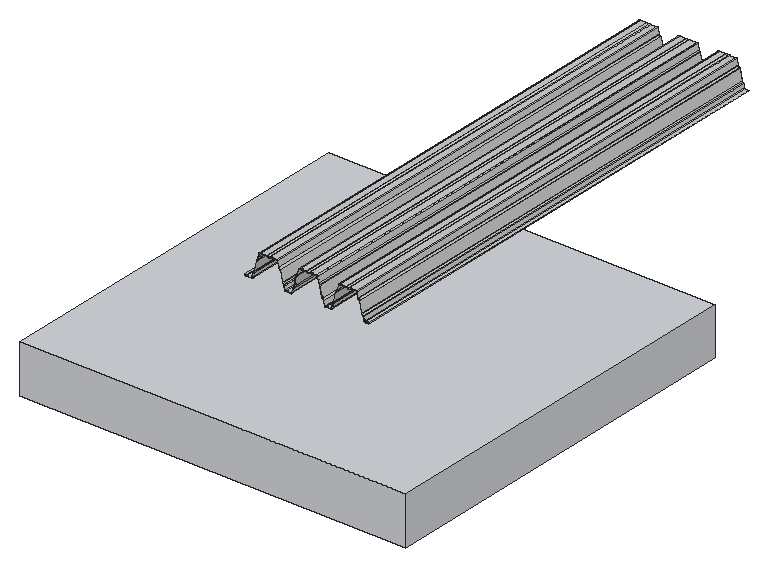
Revit family "Trapézový plech CB 160_250", category Obecné modely, Revit 2016
Family settings
  Hostitel = Plocha
  Typ součásti = Normální
  Může být hostitelem pro výztuž = Ne
  Kóta kulaté spojky = Použít průměr
  Ořezat dutým tvarem při načtení = Ne
  Sdílené = Ne
  Bod výpočtu místnosti = Ne
Parameters
  Šířka prvku - ořezání [instance] = 790 mm
  Šířka [instance] = 750 mm  # constant formula
  Výrobce = "CB profil a. s."  # constant formula
  Default Elevation = 0 mm
  URL = "https://www.cbprofil.cz/vyrobni-program/trapezove-plechy-vyroba-cb/"
  Třída oceli [instance] = Třída oceli : S 320 GD
  Tloušťka [instance] = 1 mm
  Positivní [instance] = not(Negativní)  # yes
  Popis = "CB 160/250"
  Negativní [instance] = no
  F2 barva [instance] = Pozink
  F1 barva [instance] = Pozink
  Délka [instance] = 3000 mm
  CB FLIS [instance] = no
Reference planes
  plane 1 "Střed (vpředu/vzadu)": y = 0
  plane 2: z = 0
  plane 3 "Střed (vlevo/vpravo)": x = 0
  plane 4 "trapézový plech": z = 0
  plane 5 "oříznutí": x = -790
  plane 6: x = -1219.2
  plane 7: x = -749.891
  plane 8: z = 160.116
Forms (mm)
  Extrusion 1, solid
    sketch origin (0, 0, 0) x (1, 0, 0) y (0, 1, 0)
      loop
        line (-1219.2, 1219.2) -> (-1219.2, -1219.2) -> (1219.2, -1219.2) -> (1219.2, 1219.2) -> (-1219.2, 1219.2)
    from 0 to -304.8
  Sweep 2, solid, material "Pozink" <- "F2 barva", visible <- "Positivní"
    path origin (0, 0, 0) x (-1, 0, 0) y (0, -1, 0)
      loop
        line (0, 0) -> (0, -3000)
    profile "CB 160_250 : CB 160_250" origin (0, 1500, 0) x (-1, 0, 0) y (0, 0, 1)
      loop
        line (-5, 1.5) -> (16.583, 1.5)
        arc (16.583, 1.5) -> (20.414, 2.882) -> (22.48, 6.392) r 6
        line (22.48, 6.392) -> (27.294, 29.993)
        arc (27.294, 29.993) -> (27.615, 31.014) -> (28.168, 31.931) r 4.5
        line (28.168, 31.931) -> (35.978, 41.946)
        arc (35.978, 41.946) -> (36.716, 43.168) -> (37.144, 44.529) r 6
        line (37.144, 44.529) -> (51.178, 108.659)
        arc (51.178, 108.659) -> (51.499, 109.68) -> (52.052, 110.596) r 4.5
        line (52.052, 110.596) -> (59.862, 120.612)
        arc (59.862, 120.612) -> (60.599, 121.833) -> (61.028, 123.193) r 6
        line (61.028, 123.193) -> (66.995, 154.445)
        arc (66.995, 154.445) -> (68.544, 157.079) -> (71.418, 158.116) r 4.5
        line (71.418, 158.116) -> (112.895, 158.116)
        arc (112.895, 158.116) -> (114.211, 157.92) -> (115.411, 157.347) r 4.5
        line (115.411, 157.347) -> (121.645, 153.142)
        arc (121.645, 153.142) -> (125, 152.116) -> (128.355, 153.142) r 6
        line (128.355, 153.142) -> (134.589, 157.347)
        arc (134.589, 157.347) -> (135.789, 157.92) -> (137.105, 158.116) r 4.5
        line (137.105, 158.116) -> (178.582, 158.116)
        arc (178.582, 158.116) -> (181.456, 157.079) -> (183.005, 154.445) r 4.5
        line (183.005, 154.445) -> (188.972, 123.193)
        arc (188.972, 123.193) -> (189.401, 121.833) -> (190.138, 120.612) r 6
        line (190.138, 120.612) -> (197.948, 110.596)
        arc (197.948, 110.596) -> (198.501, 109.68) -> (198.822, 108.659) r 4.5
        line (198.822, 108.659) -> (212.856, 44.529)
        arc (212.856, 44.529) -> (213.284, 43.168) -> (214.022, 41.946) r 6
        line (214.022, 41.946) -> (221.832, 31.931)
        arc (221.832, 31.931) -> (222.385, 31.014) -> (222.706, 29.993) r 4.5
        line (222.706, 29.993) -> (227.52, 4.892)
        arc (227.52, 4.892) -> (229.586, 1.382) -> (233.417, 0) r 6
        line (233.417, 0) -> (250, 0) -> (266.583, 0)
        arc (266.583, 0) -> (270.414, 1.382) -> (272.48, 4.892) r 6
        line (272.48, 4.892) -> (277.294, 29.993)
        arc (277.294, 29.993) -> (277.615, 31.014) -> (278.168, 31.931) r 4.5
        line (278.168, 31.931) -> (285.978, 41.946)
        arc (285.978, 41.946) -> (286.716, 43.168) -> (287.144, 44.529) r 6
        line (287.144, 44.529) -> (301.178, 108.659)
        arc (301.178, 108.659) -> (301.499, 109.68) -> (302.052, 110.596) r 4.5
        line (302.052, 110.596) -> (309.862, 120.612)
        arc (309.862, 120.612) -> (310.599, 121.833) -> (311.028, 123.193) r 6
        line (311.028, 123.193) -> (316.995, 154.445)
        arc (316.995, 154.445) -> (318.544, 157.079) -> (321.418, 158.116) r 4.5
        line (321.418, 158.116) -> (362.895, 158.116)
        arc (362.895, 158.116) -> (364.211, 157.92) -> (365.411, 157.347) r 4.5
        line (365.411, 157.347) -> (371.645, 153.142)
        arc (371.645, 153.142) -> (375, 152.116) -> (378.355, 153.142) r 6
        line (378.355, 153.142) -> (384.589, 157.347)
        arc (384.589, 157.347) -> (385.789, 157.92) -> (387.105, 158.116) r 4.5
        line (387.105, 158.116) -> (428.582, 158.116)
        arc (428.582, 158.116) -> (431.456, 157.079) -> (433.005, 154.445) r 4.5
        line (433.005, 154.445) -> (438.972, 123.193)
        arc (438.972, 123.193) -> (439.401, 121.833) -> (440.138, 120.612) r 6
        line (440.138, 120.612) -> (447.948, 110.596)
        arc (447.948, 110.596) -> (448.501, 109.68) -> (448.822, 108.659) r 4.5
        line (448.822, 108.659) -> (462.856, 44.529)
        arc (462.856, 44.529) -> (463.284, 43.168) -> (464.022, 41.946) r 6
        line (464.022, 41.946) -> (471.832, 31.931)
        arc (471.832, 31.931) -> (472.385, 31.014) -> (472.706, 29.993) r 4.5
        line (472.706, 29.993) -> (477.52, 4.892)
        arc (477.52, 4.892) -> (479.586, 1.382) -> (483.417, 0) r 6
        line (483.417, 0) -> (500, 0) -> (516.583, 0)
        arc (516.583, 0) -> (520.414, 1.382) -> (522.48, 4.892) r 6
        line (522.48, 4.892) -> (527.294, 29.993)
        arc (527.294, 29.993) -> (527.615, 31.014) -> (528.168, 31.931) r 4.5
        line (528.168, 31.931) -> (535.978, 41.946)
        arc (535.978, 41.946) -> (536.716, 43.168) -> (537.144, 44.529) r 6
        line (537.144, 44.529) -> (551.178, 108.659)
        arc (551.178, 108.659) -> (551.499, 109.68) -> (552.052, 110.596) r 4.5
        line (552.052, 110.596) -> (559.862, 120.612)
        arc (559.862, 120.612) -> (560.599, 121.833) -> (561.028, 123.193) r 6
        line (561.028, 123.193) -> (566.995, 154.445)
        arc (566.995, 154.445) -> (568.544, 157.079) -> (571.418, 158.116) r 4.5
        line (571.418, 158.116) -> (612.895, 158.116)
        arc (612.895, 158.116) -> (614.211, 157.92) -> (615.411, 157.347) r 4.5
        line (615.411, 157.347) -> (621.645, 153.142)
        arc (621.645, 153.142) -> (625, 152.116) -> (628.355, 153.142) r 6
        line (628.355, 153.142) -> (634.589, 157.347)
        arc (634.589, 157.347) -> (635.789, 157.92) -> (637.105, 158.116) r 4.5
        line (637.105, 158.116) -> (678.582, 158.116)
        arc (678.582, 158.116) -> (681.456, 157.079) -> (683.005, 154.445) r 4.5
        line (683.005, 154.445) -> (688.972, 123.193)
        arc (688.972, 123.193) -> (689.401, 121.833) -> (690.138, 120.612) r 6
        line (690.138, 120.612) -> (697.948, 110.596)
        arc (697.948, 110.596) -> (698.501, 109.68) -> (698.822, 108.659) r 4.5
        line (698.822, 108.659) -> (712.856, 44.529)
        arc (712.856, 44.529) -> (713.284, 43.168) -> (714.022, 41.946) r 6
        line (714.022, 41.946) -> (721.832, 31.931)
        arc (721.832, 31.931) -> (722.385, 31.014) -> (722.706, 29.993) r 4.5
        line (722.706, 29.993) -> (727.52, 4.892)
        arc (727.52, 4.892) -> (729.586, 1.382) -> (733.417, 0) r 6
        line (733.417, 0) -> (750, 0) -> (768.082, 0)
        arc (768.082, 0) -> (771.672, 1.192) -> (773.835, 4.294) r 6.001
        line (773.835, 4.294) -> (775.49, 9.872) -> (774.532, 10.157) -> (772.877, 4.578)
        arc (772.877, 4.578) -> (771.073, 1.993) -> (768.082, 1) r 5.001
        line (768.082, 1) -> (750, 1) -> (733.417, 1)
        arc (733.417, 1) -> (730.223, 2.152) -> (728.502, 5.078) r 5
        line (728.502, 5.078) -> (723.689, 30.179)
        arc (723.689, 30.179) -> (723.296, 31.427) -> (722.62, 32.546) r 5.5
        line (722.62, 32.546) -> (714.81, 42.561)
        arc (714.81, 42.561) -> (714.193, 43.586) -> (713.837, 44.728) r 5
        line (713.837, 44.728) -> (699.802, 108.859)
        arc (699.802, 108.859) -> (699.409, 110.099) -> (698.736, 111.211) r 5.5
        line (698.736, 111.211) -> (690.926, 121.227)
        arc (690.926, 121.227) -> (690.312, 122.245) -> (689.955, 123.379) r 5
        line (689.955, 123.379) -> (683.987, 154.631)
        arc (683.987, 154.631) -> (682.094, 157.849) -> (678.582, 159.116) r 5.5
        line (678.582, 159.116) -> (637.105, 159.116)
        arc (637.105, 159.116) -> (635.497, 158.876) -> (634.029, 158.176) r 5.5
        line (634.029, 158.176) -> (627.796, 153.971)
        arc (627.796, 153.971) -> (625, 153.116) -> (622.204, 153.971) r 5
        line (622.204, 153.971) -> (615.971, 158.176)
        arc (615.971, 158.176) -> (614.503, 158.876) -> (612.895, 159.116) r 5.5
        line (612.895, 159.116) -> (571.418, 159.116)
        arc (571.418, 159.116) -> (567.906, 157.849) -> (566.013, 154.631) r 5.5
        line (566.013, 154.631) -> (560.045, 123.379)
        arc (560.045, 123.379) -> (559.688, 122.245) -> (559.074, 121.227) r 5
        line (559.074, 121.227) -> (551.264, 111.211)
        arc (551.264, 111.211) -> (550.591, 110.099) -> (550.198, 108.859) r 5.5
        line (550.198, 108.859) -> (536.163, 44.728)
        arc (536.163, 44.728) -> (535.807, 43.586) -> (535.19, 42.561) r 5
        line (535.19, 42.561) -> (527.38, 32.546)
        arc (527.38, 32.546) -> (526.704, 31.427) -> (526.311, 30.179) r 5.5
        line (526.311, 30.179) -> (521.498, 5.078)
        arc (521.498, 5.078) -> (519.776, 2.152) -> (516.583, 1) r 5
        line (516.583, 1) -> (500, 1) -> (483.417, 1)
        arc (483.417, 1) -> (480.223, 2.152) -> (478.502, 5.078) r 5
        line (478.502, 5.078) -> (473.689, 30.179)
        arc (473.689, 30.179) -> (473.296, 31.427) -> (472.62, 32.546) r 5.5
        line (472.62, 32.546) -> (464.81, 42.561)
        arc (464.81, 42.561) -> (464.193, 43.586) -> (463.837, 44.728) r 5
        line (463.837, 44.728) -> (449.802, 108.859)
        arc (449.802, 108.859) -> (449.409, 110.099) -> (448.736, 111.211) r 5.5
        line (448.736, 111.211) -> (440.926, 121.227)
        arc (440.926, 121.227) -> (440.312, 122.245) -> (439.955, 123.379) r 5
        line (439.955, 123.379) -> (433.987, 154.631)
        arc (433.987, 154.631) -> (432.094, 157.849) -> (428.582, 159.116) r 5.5
        line (428.582, 159.116) -> (387.105, 159.116)
        arc (387.105, 159.116) -> (385.497, 158.876) -> (384.029, 158.176) r 5.5
        line (384.029, 158.176) -> (377.796, 153.971)
        arc (377.796, 153.971) -> (375, 153.116) -> (372.204, 153.971) r 5
        line (372.204, 153.971) -> (365.971, 158.176)
        arc (365.971, 158.176) -> (364.503, 158.876) -> (362.895, 159.116) r 5.5
        line (362.895, 159.116) -> (321.418, 159.116)
        arc (321.418, 159.116) -> (317.906, 157.849) -> (316.013, 154.631) r 5.5
        line (316.013, 154.631) -> (310.045, 123.379)
        arc (310.045, 123.379) -> (309.688, 122.245) -> (309.074, 121.227) r 5
        line (309.074, 121.227) -> (301.264, 111.211)
        arc (301.264, 111.211) -> (300.591, 110.099) -> (300.198, 108.859) r 5.5
        line (300.198, 108.859) -> (286.163, 44.728)
        arc (286.163, 44.728) -> (285.807, 43.586) -> (285.19, 42.561) r 5
        line (285.19, 42.561) -> (277.38, 32.546)
        arc (277.38, 32.546) -> (276.704, 31.427) -> (276.311, 30.179) r 5.5
        line (276.311, 30.179) -> (271.498, 5.078)
        arc (271.498, 5.078) -> (269.776, 2.152) -> (266.583, 1) r 5
        line (266.583, 1) -> (250, 1) -> (233.417, 1)
        arc (233.417, 1) -> (230.223, 2.152) -> (228.502, 5.078) r 5
        line (228.502, 5.078) -> (223.689, 30.179)
        arc (223.689, 30.179) -> (223.296, 31.427) -> (222.62, 32.546) r 5.5
        line (222.62, 32.546) -> (214.81, 42.561)
        arc (214.81, 42.561) -> (214.193, 43.586) -> (213.837, 44.728) r 5
        line (213.837, 44.728) -> (199.802, 108.859)
        arc (199.802, 108.859) -> (199.409, 110.099) -> (198.736, 111.211) r 5.5
        line (198.736, 111.211) -> (190.926, 121.227)
        arc (190.926, 121.227) -> (190.312, 122.245) -> (189.955, 123.379) r 5
        line (189.955, 123.379) -> (183.987, 154.631)
        arc (183.987, 154.631) -> (182.094, 157.849) -> (178.582, 159.116) r 5.5
        line (178.582, 159.116) -> (137.105, 159.116)
        arc (137.105, 159.116) -> (135.497, 158.876) -> (134.029, 158.176) r 5.5
        line (134.029, 158.176) -> (127.796, 153.971)
        arc (127.796, 153.971) -> (125, 153.116) -> (122.204, 153.971) r 5
        line (122.204, 153.971) -> (115.971, 158.176)
        arc (115.971, 158.176) -> (114.503, 158.876) -> (112.895, 159.116) r 5.5
        line (112.895, 159.116) -> (71.418, 159.116)
        arc (71.418, 159.116) -> (67.906, 157.849) -> (66.013, 154.631) r 5.5
        line (66.013, 154.631) -> (60.045, 123.379)
        arc (60.045, 123.379) -> (59.688, 122.245) -> (59.074, 121.227) r 5
        line (59.074, 121.227) -> (51.264, 111.211)
        arc (51.264, 111.211) -> (50.591, 110.099) -> (50.198, 108.859) r 5.5
        line (50.198, 108.859) -> (36.163, 44.728)
        arc (36.163, 44.728) -> (35.807, 43.586) -> (35.19, 42.561) r 5
        line (35.19, 42.561) -> (27.38, 32.546)
        arc (27.38, 32.546) -> (26.705, 31.429) -> (26.312, 30.185) r 5.5
        line (26.312, 30.185) -> (21.499, 6.584)
        arc (21.499, 6.584) -> (19.779, 3.654) -> (16.583, 2.5) r 5
        line (16.583, 2.5) -> (-5, 2.5) -> (-5, 1.5)
  Extrusion 3, void
    sketch origin (0, 0, 0) x (1, 0, 0) y (0, 0, 1)
      loop
        line (-1219.2, 0) -> (-790, 0) -> (-790, 160.116) -> (-1219.2, 160.116) -> (-1219.2, 0)
    from 0 to -3000
  Sweep 4, solid, material "Pozink" <- "F2 barva", visible <- "Negativní"
    path origin (0, 0, 0) x (-1, 0, 0) y (0, -1, 0)
      loop
        line (0, 0) -> (0, -3000)
    profile "CB 160_250_neg : CB 160_250_neg" origin (0, 1500, 0) x (-1, 0, 0) y (0, 0, 1)
      loop
        line (-5, 157.616) -> (-5, 156.616) -> (16.583, 156.616)
        arc (16.583, 156.616) -> (19.779, 155.462) -> (21.499, 152.533) r 5
        line (21.499, 152.533) -> (26.312, 128.931)
        arc (26.312, 128.931) -> (26.705, 127.687) -> (27.38, 126.57) r 5.5
        line (27.38, 126.57) -> (35.19, 116.555)
        arc (35.19, 116.555) -> (35.807, 115.53) -> (36.163, 114.388) r 5
        line (36.163, 114.388) -> (50.198, 50.257)
        arc (50.198, 50.257) -> (50.591, 49.018) -> (51.264, 47.905) r 5.5
        line (51.264, 47.905) -> (59.074, 37.89)
        arc (59.074, 37.89) -> (59.688, 36.872) -> (60.045, 35.737) r 5
        line (60.045, 35.737) -> (66.013, 4.485)
        arc (66.013, 4.485) -> (67.906, 1.267) -> (71.418, 0) r 5.5
        line (71.418, 0) -> (112.895, 0)
        arc (112.895, 0) -> (114.503, 0.24) -> (115.971, 0.94) r 5.5
        line (115.971, 0.94) -> (122.204, 5.145)
        arc (122.204, 5.145) -> (125, 6) -> (127.796, 5.145) r 5
        line (127.796, 5.145) -> (134.029, 0.94)
        arc (134.029, 0.94) -> (135.497, 0.24) -> (137.105, 0) r 5.5
        line (137.105, 0) -> (178.582, 0)
        arc (178.582, 0) -> (182.094, 1.267) -> (183.987, 4.485) r 5.5
        line (183.987, 4.485) -> (189.955, 35.737)
        arc (189.955, 35.737) -> (190.312, 36.872) -> (190.926, 37.89) r 5
        line (190.926, 37.89) -> (198.736, 47.905)
        arc (198.736, 47.905) -> (199.409, 49.018) -> (199.802, 50.257) r 5.5
        line (199.802, 50.257) -> (213.837, 114.388)
        arc (213.837, 114.388) -> (214.193, 115.53) -> (214.81, 116.555) r 5
        line (214.81, 116.555) -> (222.62, 126.57)
        arc (222.62, 126.57) -> (223.296, 127.69) -> (223.689, 128.938) r 5.5
        line (223.689, 128.938) -> (228.502, 154.038)
        arc (228.502, 154.038) -> (230.223, 156.964) -> (233.417, 158.116) r 5
        line (233.417, 158.116) -> (250, 158.116) -> (266.583, 158.116)
        arc (266.583, 158.116) -> (269.776, 156.964) -> (271.498, 154.038) r 5
        line (271.498, 154.038) -> (276.311, 128.938)
        arc (276.311, 128.938) -> (276.704, 127.69) -> (277.38, 126.57) r 5.5
        line (277.38, 126.57) -> (285.19, 116.555)
        arc (285.19, 116.555) -> (285.807, 115.53) -> (286.163, 114.388) r 5
        line (286.163, 114.388) -> (300.198, 50.257)
        arc (300.198, 50.257) -> (300.591, 49.018) -> (301.264, 47.905) r 5.5
        line (301.264, 47.905) -> (309.074, 37.89)
        arc (309.074, 37.89) -> (309.688, 36.872) -> (310.045, 35.737) r 5
        line (310.045, 35.737) -> (316.013, 4.485)
        arc (316.013, 4.485) -> (317.906, 1.267) -> (321.418, 0) r 5.5
        line (321.418, 0) -> (362.895, 0)
        arc (362.895, 0) -> (364.503, 0.24) -> (365.971, 0.94) r 5.5
        line (365.971, 0.94) -> (372.204, 5.145)
        arc (372.204, 5.145) -> (375, 6) -> (377.796, 5.145) r 5
        line (377.796, 5.145) -> (384.029, 0.94)
        arc (384.029, 0.94) -> (385.497, 0.24) -> (387.105, 0) r 5.5
        line (387.105, 0) -> (428.582, 0)
        arc (428.582, 0) -> (432.094, 1.267) -> (433.987, 4.485) r 5.5
        line (433.987, 4.485) -> (439.955, 35.737)
        arc (439.955, 35.737) -> (440.312, 36.872) -> (440.926, 37.89) r 5
        line (440.926, 37.89) -> (448.736, 47.905)
        arc (448.736, 47.905) -> (449.409, 49.018) -> (449.802, 50.257) r 5.5
        line (449.802, 50.257) -> (463.837, 114.388)
        arc (463.837, 114.388) -> (464.193, 115.53) -> (464.81, 116.555) r 5
        line (464.81, 116.555) -> (472.62, 126.57)
        arc (472.62, 126.57) -> (473.296, 127.69) -> (473.689, 128.938) r 5.5
        line (473.689, 128.938) -> (478.502, 154.038)
        arc (478.502, 154.038) -> (480.223, 156.964) -> (483.417, 158.116) r 5
        line (483.417, 158.116) -> (500, 158.116) -> (516.583, 158.116)
        arc (516.583, 158.116) -> (519.776, 156.964) -> (521.498, 154.038) r 5
        line (521.498, 154.038) -> (526.311, 128.938)
        arc (526.311, 128.938) -> (526.704, 127.69) -> (527.38, 126.57) r 5.5
        line (527.38, 126.57) -> (535.19, 116.555)
        arc (535.19, 116.555) -> (535.807, 115.53) -> (536.163, 114.388) r 5
        line (536.163, 114.388) -> (550.198, 50.257)
        arc (550.198, 50.257) -> (550.591, 49.018) -> (551.264, 47.905) r 5.5
        line (551.264, 47.905) -> (559.074, 37.89)
        arc (559.074, 37.89) -> (559.688, 36.872) -> (560.045, 35.737) r 5
        line (560.045, 35.737) -> (566.013, 4.485)
        arc (566.013, 4.485) -> (567.906, 1.267) -> (571.418, 0) r 5.5
        line (571.418, 0) -> (612.895, 0)
        arc (612.895, 0) -> (614.503, 0.24) -> (615.971, 0.94) r 5.5
        line (615.971, 0.94) -> (622.204, 5.145)
        arc (622.204, 5.145) -> (625, 6) -> (627.796, 5.145) r 5
        line (627.796, 5.145) -> (634.029, 0.94)
        arc (634.029, 0.94) -> (635.497, 0.24) -> (637.105, 0) r 5.5
        line (637.105, 0) -> (678.582, 0)
        arc (678.582, 0) -> (682.094, 1.267) -> (683.987, 4.485) r 5.5
        line (683.987, 4.485) -> (689.955, 35.737)
        arc (689.955, 35.737) -> (690.312, 36.872) -> (690.926, 37.89) r 5
        line (690.926, 37.89) -> (698.736, 47.905)
        arc (698.736, 47.905) -> (699.409, 49.018) -> (699.802, 50.257) r 5.5
        line (699.802, 50.257) -> (713.837, 114.388)
        arc (713.837, 114.388) -> (714.193, 115.53) -> (714.81, 116.555) r 5
        line (714.81, 116.555) -> (722.62, 126.57)
        arc (722.62, 126.57) -> (723.296, 127.69) -> (723.689, 128.938) r 5.5
        line (723.689, 128.938) -> (728.502, 154.038)
        arc (728.502, 154.038) -> (730.223, 156.964) -> (733.417, 158.116) r 5
        line (733.417, 158.116) -> (750, 158.116) -> (768.082, 158.116)
        arc (768.082, 158.116) -> (771.073, 157.123) -> (772.877, 154.538) r 5.001
        line (772.877, 154.538) -> (774.532, 148.96) -> (775.49, 149.244) -> (773.835, 154.822)
        arc (773.835, 154.822) -> (771.672, 157.925) -> (768.082, 159.116) r 6.001
        line (768.082, 159.116) -> (750, 159.116) -> (733.417, 159.116)
        arc (733.417, 159.116) -> (729.586, 157.734) -> (727.52, 154.225) r 6
        line (727.52, 154.225) -> (722.706, 129.124)
        arc (722.706, 129.124) -> (722.385, 128.102) -> (721.832, 127.185) r 4.5
        line (721.832, 127.185) -> (714.022, 117.17)
        arc (714.022, 117.17) -> (713.284, 115.948) -> (712.856, 114.587) r 6
        line (712.856, 114.587) -> (698.822, 50.457)
        arc (698.822, 50.457) -> (698.501, 49.436) -> (697.948, 48.52) r 4.5
        line (697.948, 48.52) -> (690.138, 38.505)
        arc (690.138, 38.505) -> (689.401, 37.284) -> (688.972, 35.923) r 6
        line (688.972, 35.923) -> (683.005, 4.671)
        arc (683.005, 4.671) -> (681.456, 2.037) -> (678.582, 1) r 4.5
        line (678.582, 1) -> (637.105, 1)
        arc (637.105, 1) -> (635.789, 1.197) -> (634.589, 1.769) r 4.5
        line (634.589, 1.769) -> (628.355, 5.974)
        arc (628.355, 5.974) -> (625, 7) -> (621.645, 5.974) r 6
        line (621.645, 5.974) -> (615.411, 1.769)
        arc (615.411, 1.769) -> (614.211, 1.197) -> (612.895, 1) r 4.5
        line (612.895, 1) -> (571.418, 1)
        arc (571.418, 1) -> (568.544, 2.037) -> (566.995, 4.671) r 4.5
        line (566.995, 4.671) -> (561.028, 35.923)
        arc (561.028, 35.923) -> (560.599, 37.284) -> (559.862, 38.505) r 6
        line (559.862, 38.505) -> (552.052, 48.52)
        arc (552.052, 48.52) -> (551.499, 49.436) -> (551.178, 50.457) r 4.5
        line (551.178, 50.457) -> (537.144, 114.587)
        arc (537.144, 114.587) -> (536.716, 115.948) -> (535.978, 117.17) r 6
        line (535.978, 117.17) -> (528.168, 127.185)
        arc (528.168, 127.185) -> (527.615, 128.102) -> (527.294, 129.124) r 4.5
        line (527.294, 129.124) -> (522.48, 154.225)
        arc (522.48, 154.225) -> (520.414, 157.734) -> (516.583, 159.116) r 6
        line (516.583, 159.116) -> (500, 159.116) -> (483.417, 159.116)
        arc (483.417, 159.116) -> (479.586, 157.734) -> (477.52, 154.225) r 6
        line (477.52, 154.225) -> (472.706, 129.124)
        arc (472.706, 129.124) -> (472.385, 128.102) -> (471.832, 127.185) r 4.5
        line (471.832, 127.185) -> (464.022, 117.17)
        arc (464.022, 117.17) -> (463.284, 115.948) -> (462.856, 114.587) r 6
        line (462.856, 114.587) -> (448.822, 50.457)
        arc (448.822, 50.457) -> (448.501, 49.436) -> (447.948, 48.52) r 4.5
        line (447.948, 48.52) -> (440.138, 38.505)
        arc (440.138, 38.505) -> (439.401, 37.284) -> (438.972, 35.923) r 6
        line (438.972, 35.923) -> (433.005, 4.671)
        arc (433.005, 4.671) -> (431.456, 2.037) -> (428.582, 1) r 4.5
        line (428.582, 1) -> (387.105, 1)
        arc (387.105, 1) -> (385.789, 1.197) -> (384.589, 1.769) r 4.5
        line (384.589, 1.769) -> (378.355, 5.974)
        arc (378.355, 5.974) -> (375, 7) -> (371.645, 5.974) r 6
        line (371.645, 5.974) -> (365.411, 1.769)
        arc (365.411, 1.769) -> (364.211, 1.197) -> (362.895, 1) r 4.5
        line (362.895, 1) -> (321.418, 1)
        arc (321.418, 1) -> (318.544, 2.037) -> (316.995, 4.671) r 4.5
        line (316.995, 4.671) -> (311.028, 35.923)
        arc (311.028, 35.923) -> (310.599, 37.284) -> (309.862, 38.505) r 6
        line (309.862, 38.505) -> (302.052, 48.52)
        arc (302.052, 48.52) -> (301.499, 49.436) -> (301.178, 50.457) r 4.5
        line (301.178, 50.457) -> (287.144, 114.587)
        arc (287.144, 114.587) -> (286.716, 115.948) -> (285.978, 117.17) r 6
        line (285.978, 117.17) -> (278.168, 127.185)
        arc (278.168, 127.185) -> (277.615, 128.102) -> (277.294, 129.124) r 4.5
        line (277.294, 129.124) -> (272.48, 154.225)
        arc (272.48, 154.225) -> (270.414, 157.734) -> (266.583, 159.116) r 6
        line (266.583, 159.116) -> (250, 159.116) -> (233.417, 159.116)
        arc (233.417, 159.116) -> (229.586, 157.734) -> (227.52, 154.225) r 6
        line (227.52, 154.225) -> (222.706, 129.124)
        arc (222.706, 129.124) -> (222.385, 128.102) -> (221.832, 127.185) r 4.5
        line (221.832, 127.185) -> (214.022, 117.17)
        arc (214.022, 117.17) -> (213.284, 115.948) -> (212.856, 114.587) r 6
        line (212.856, 114.587) -> (198.822, 50.457)
        arc (198.822, 50.457) -> (198.501, 49.436) -> (197.948, 48.52) r 4.5
        line (197.948, 48.52) -> (190.138, 38.505)
        arc (190.138, 38.505) -> (189.401, 37.284) -> (188.972, 35.923) r 6
        line (188.972, 35.923) -> (183.005, 4.671)
        arc (183.005, 4.671) -> (181.456, 2.037) -> (178.582, 1) r 4.5
        line (178.582, 1) -> (137.105, 1)
        arc (137.105, 1) -> (135.789, 1.197) -> (134.589, 1.769) r 4.5
        line (134.589, 1.769) -> (128.355, 5.974)
        arc (128.355, 5.974) -> (125, 7) -> (121.645, 5.974) r 6
        line (121.645, 5.974) -> (115.411, 1.769)
        arc (115.411, 1.769) -> (114.211, 1.197) -> (112.895, 1) r 4.5
        line (112.895, 1) -> (71.418, 1)
        arc (71.418, 1) -> (68.544, 2.037) -> (66.995, 4.671) r 4.5
        line (66.995, 4.671) -> (61.028, 35.923)
        arc (61.028, 35.923) -> (60.599, 37.284) -> (59.862, 38.505) r 6
        line (59.862, 38.505) -> (52.052, 48.52)
        arc (52.052, 48.52) -> (51.499, 49.436) -> (51.178, 50.457) r 4.5
        line (51.178, 50.457) -> (37.144, 114.587)
        arc (37.144, 114.587) -> (36.716, 115.948) -> (35.978, 117.17) r 6
        line (35.978, 117.17) -> (28.168, 127.185)
        arc (28.168, 127.185) -> (27.615, 128.102) -> (27.294, 129.124) r 4.5
        line (27.294, 129.124) -> (22.48, 152.725)
        arc (22.48, 152.725) -> (20.414, 156.234) -> (16.583, 157.616) r 6
        line (16.583, 157.616) -> (-5, 157.616)
  Sweep 5, solid, material "Pozink" <- "F1 barva", visible <- "Negativní"
    path origin (0, 0, 0) x (-1, 0, 0) y (0, -1, 0)
      loop
        line (0, 0) -> (0, -3000)
    profile "CB 160_250_neg_F1 : CB 160_250_neg_F1" origin (0, 1500, 0) x (-1, 0, 0) y (0, 0, 1)
      loop
        line (-5, 157.616) -> (16.583, 157.616)
        arc (16.583, 157.616) -> (20.414, 156.234) -> (22.48, 152.725) r 6
        line (22.48, 152.725) -> (27.294, 129.124)
        arc (27.294, 129.124) -> (27.615, 128.102) -> (28.168, 127.185) r 4.5
        line (28.168, 127.185) -> (35.978, 117.17)
        arc (35.978, 117.17) -> (36.716, 115.948) -> (37.144, 114.587) r 6
        line (37.144, 114.587) -> (51.178, 50.457)
        arc (51.178, 50.457) -> (51.499, 49.436) -> (52.052, 48.52) r 4.5
        line (52.052, 48.52) -> (59.862, 38.505)
        arc (59.862, 38.505) -> (60.599, 37.284) -> (61.028, 35.923) r 6
        line (61.028, 35.923) -> (66.995, 4.671)
        arc (66.995, 4.671) -> (68.544, 2.037) -> (71.418, 1) r 4.5
        line (71.418, 1) -> (112.895, 1)
        arc (112.895, 1) -> (114.211, 1.197) -> (115.411, 1.769) r 4.5
        line (115.411, 1.769) -> (121.645, 5.974)
        arc (121.645, 5.974) -> (125, 7) -> (128.355, 5.974) r 6
        line (128.355, 5.974) -> (134.589, 1.769)
        arc (134.589, 1.769) -> (135.789, 1.197) -> (137.105, 1) r 4.5
        line (137.105, 1) -> (178.582, 1)
        arc (178.582, 1) -> (181.456, 2.037) -> (183.005, 4.671) r 4.5
        line (183.005, 4.671) -> (188.972, 35.923)
        arc (188.972, 35.923) -> (189.401, 37.284) -> (190.138, 38.505) r 6
        line (190.138, 38.505) -> (197.948, 48.52)
        arc (197.948, 48.52) -> (198.501, 49.436) -> (198.822, 50.457) r 4.5
        line (198.822, 50.457) -> (212.856, 114.587)
        arc (212.856, 114.587) -> (213.284, 115.948) -> (214.022, 117.17) r 6
        line (214.022, 117.17) -> (221.832, 127.185)
        arc (221.832, 127.185) -> (222.385, 128.102) -> (222.706, 129.124) r 4.5
        line (222.706, 129.124) -> (227.52, 154.225)
        arc (227.52, 154.225) -> (229.586, 157.734) -> (233.417, 159.116) r 6
        line (233.417, 159.116) -> (250, 159.116) -> (266.583, 159.116)
        arc (266.583, 159.116) -> (270.414, 157.734) -> (272.48, 154.225) r 6
        line (272.48, 154.225) -> (277.294, 129.124)
        arc (277.294, 129.124) -> (277.615, 128.102) -> (278.168, 127.185) r 4.5
        line (278.168, 127.185) -> (285.978, 117.17)
        arc (285.978, 117.17) -> (286.716, 115.948) -> (287.144, 114.587) r 6
        line (287.144, 114.587) -> (301.178, 50.457)
        arc (301.178, 50.457) -> (301.499, 49.436) -> (302.052, 48.52) r 4.5
        line (302.052, 48.52) -> (309.862, 38.505)
        arc (309.862, 38.505) -> (310.599, 37.284) -> (311.028, 35.923) r 6
        line (311.028, 35.923) -> (316.995, 4.671)
        arc (316.995, 4.671) -> (318.544, 2.037) -> (321.418, 1) r 4.5
        line (321.418, 1) -> (362.895, 1)
        arc (362.895, 1) -> (364.211, 1.197) -> (365.411, 1.769) r 4.5
        line (365.411, 1.769) -> (371.645, 5.974)
        arc (371.645, 5.974) -> (375, 7) -> (378.355, 5.974) r 6
        line (378.355, 5.974) -> (384.589, 1.769)
        arc (384.589, 1.769) -> (385.789, 1.197) -> (387.105, 1) r 4.5
        line (387.105, 1) -> (428.582, 1)
        arc (428.582, 1) -> (431.456, 2.037) -> (433.005, 4.671) r 4.5
        line (433.005, 4.671) -> (438.972, 35.923)
        arc (438.972, 35.923) -> (439.401, 37.284) -> (440.138, 38.505) r 6
        line (440.138, 38.505) -> (447.948, 48.52)
        arc (447.948, 48.52) -> (448.501, 49.436) -> (448.822, 50.457) r 4.5
        line (448.822, 50.457) -> (462.856, 114.587)
        arc (462.856, 114.587) -> (463.284, 115.948) -> (464.022, 117.17) r 6
        line (464.022, 117.17) -> (471.832, 127.185)
        arc (471.832, 127.185) -> (472.385, 128.102) -> (472.706, 129.124) r 4.5
        line (472.706, 129.124) -> (477.52, 154.225)
        arc (477.52, 154.225) -> (479.586, 157.734) -> (483.417, 159.116) r 6
        line (483.417, 159.116) -> (500, 159.116) -> (516.583, 159.116)
        arc (516.583, 159.116) -> (520.414, 157.734) -> (522.48, 154.225) r 6
        line (522.48, 154.225) -> (527.294, 129.124)
        arc (527.294, 129.124) -> (527.615, 128.102) -> (528.168, 127.185) r 4.5
        line (528.168, 127.185) -> (535.978, 117.17)
        arc (535.978, 117.17) -> (536.716, 115.948) -> (537.144, 114.587) r 6
        line (537.144, 114.587) -> (551.178, 50.457)
        arc (551.178, 50.457) -> (551.499, 49.436) -> (552.052, 48.52) r 4.5
        line (552.052, 48.52) -> (559.862, 38.505)
        arc (559.862, 38.505) -> (560.599, 37.284) -> (561.028, 35.923) r 6
        line (561.028, 35.923) -> (566.995, 4.671)
        arc (566.995, 4.671) -> (568.544, 2.037) -> (571.418, 1) r 4.5
        line (571.418, 1) -> (612.895, 1)
        arc (612.895, 1) -> (614.211, 1.197) -> (615.411, 1.769) r 4.5
        line (615.411, 1.769) -> (621.645, 5.974)
        arc (621.645, 5.974) -> (625, 7) -> (628.355, 5.974) r 6
        line (628.355, 5.974) -> (634.589, 1.769)
        arc (634.589, 1.769) -> (635.789, 1.197) -> (637.105, 1) r 4.5
        line (637.105, 1) -> (678.582, 1)
        arc (678.582, 1) -> (681.456, 2.037) -> (683.005, 4.671) r 4.5
        line (683.005, 4.671) -> (688.972, 35.923)
        arc (688.972, 35.923) -> (689.401, 37.284) -> (690.138, 38.505) r 6
        line (690.138, 38.505) -> (697.948, 48.52)
        arc (697.948, 48.52) -> (698.501, 49.436) -> (698.822, 50.457) r 4.5
        line (698.822, 50.457) -> (712.856, 114.587)
        arc (712.856, 114.587) -> (713.284, 115.948) -> (714.022, 117.17) r 6
        line (714.022, 117.17) -> (721.832, 127.185)
        arc (721.832, 127.185) -> (722.385, 128.102) -> (722.706, 129.124) r 4.5
        line (722.706, 129.124) -> (727.52, 154.225)
        arc (727.52, 154.225) -> (729.586, 157.734) -> (733.417, 159.116) r 6
        line (733.417, 159.116) -> (750, 159.116) -> (768.082, 159.116)
        arc (768.082, 159.116) -> (771.672, 157.925) -> (773.835, 154.822) r 6.001
        line (773.835, 154.822) -> (775.49, 149.244) -> (776.449, 149.528) -> (774.794, 155.107)
        arc (774.794, 155.107) -> (772.27, 158.726) -> (768.082, 160.116) r 7.001
        line (768.082, 160.116) -> (750, 160.116) -> (733.417, 160.116)
        arc (733.417, 160.116) -> (728.948, 158.505) -> (726.537, 154.411) r 7
        line (726.537, 154.411) -> (721.724, 129.31)
        arc (721.724, 129.31) -> (721.474, 128.514) -> (721.043, 127.8) r 3.5
        line (721.043, 127.8) -> (713.233, 117.785)
        arc (713.233, 117.785) -> (712.376, 116.367) -> (711.876, 114.787) r 7
        line (711.876, 114.787) -> (697.842, 50.656)
        arc (697.842, 50.656) -> (697.592, 49.854) -> (697.159, 49.135) r 3.5
        line (697.159, 49.135) -> (689.349, 39.12)
        arc (689.349, 39.12) -> (688.49, 37.696) -> (687.99, 36.109) r 7
        line (687.99, 36.109) -> (682.022, 4.857)
        arc (682.022, 4.857) -> (680.818, 2.807) -> (678.582, 2) r 3.5
        line (678.582, 2) -> (637.105, 2)
        arc (637.105, 2) -> (636.082, 2.153) -> (635.148, 2.598) r 3.5
        line (635.148, 2.598) -> (628.915, 6.803)
        arc (628.915, 6.803) -> (625, 8) -> (621.085, 6.803) r 7
        line (621.085, 6.803) -> (614.852, 2.598)
        arc (614.852, 2.598) -> (613.918, 2.153) -> (612.895, 2) r 3.5
        line (612.895, 2) -> (571.418, 2)
        arc (571.418, 2) -> (569.182, 2.807) -> (567.978, 4.857) r 3.5
        line (567.978, 4.857) -> (562.01, 36.109)
        arc (562.01, 36.109) -> (561.51, 37.696) -> (560.651, 39.12) r 7
        line (560.651, 39.12) -> (552.841, 49.135)
        arc (552.841, 49.135) -> (552.408, 49.854) -> (552.158, 50.656) r 3.5
        line (552.158, 50.656) -> (538.124, 114.787)
        arc (538.124, 114.787) -> (537.624, 116.367) -> (536.767, 117.785) r 7
        line (536.767, 117.785) -> (528.957, 127.8)
        arc (528.957, 127.8) -> (528.526, 128.514) -> (528.276, 129.31) r 3.5
        line (528.276, 129.31) -> (523.463, 154.411)
        arc (523.463, 154.411) -> (521.052, 158.505) -> (516.583, 160.116) r 7
        line (516.583, 160.116) -> (500, 160.116) -> (483.417, 160.116)
        arc (483.417, 160.116) -> (478.948, 158.505) -> (476.537, 154.411) r 7
        line (476.537, 154.411) -> (471.724, 129.31)
        arc (471.724, 129.31) -> (471.474, 128.514) -> (471.043, 127.8) r 3.5
        line (471.043, 127.8) -> (463.233, 117.785)
        arc (463.233, 117.785) -> (462.376, 116.367) -> (461.876, 114.787) r 7
        line (461.876, 114.787) -> (447.842, 50.656)
        arc (447.842, 50.656) -> (447.592, 49.854) -> (447.159, 49.135) r 3.5
        line (447.159, 49.135) -> (439.349, 39.12)
        arc (439.349, 39.12) -> (438.49, 37.696) -> (437.99, 36.109) r 7
        line (437.99, 36.109) -> (432.022, 4.857)
        arc (432.022, 4.857) -> (430.818, 2.807) -> (428.582, 2) r 3.5
        line (428.582, 2) -> (387.105, 2)
        arc (387.105, 2) -> (386.082, 2.153) -> (385.148, 2.598) r 3.5
        line (385.148, 2.598) -> (378.915, 6.803)
        arc (378.915, 6.803) -> (375, 8) -> (371.085, 6.803) r 7
        line (371.085, 6.803) -> (364.852, 2.598)
        arc (364.852, 2.598) -> (363.918, 2.153) -> (362.895, 2) r 3.5
        line (362.895, 2) -> (321.418, 2)
        arc (321.418, 2) -> (319.182, 2.807) -> (317.978, 4.857) r 3.5
        line (317.978, 4.857) -> (312.01, 36.109)
        arc (312.01, 36.109) -> (311.51, 37.696) -> (310.651, 39.12) r 7
        line (310.651, 39.12) -> (302.841, 49.135)
        arc (302.841, 49.135) -> (302.408, 49.854) -> (302.158, 50.656) r 3.5
        line (302.158, 50.656) -> (288.124, 114.787)
        arc (288.124, 114.787) -> (287.624, 116.367) -> (286.767, 117.785) r 7
        line (286.767, 117.785) -> (278.957, 127.8)
        arc (278.957, 127.8) -> (278.526, 128.514) -> (278.276, 129.31) r 3.5
        line (278.276, 129.31) -> (273.463, 154.411)
        arc (273.463, 154.411) -> (271.052, 158.505) -> (266.583, 160.116) r 7
        line (266.583, 160.116) -> (250, 160.116) -> (233.417, 160.116)
        arc (233.417, 160.116) -> (228.948, 158.505) -> (226.537, 154.411) r 7
        line (226.537, 154.411) -> (221.724, 129.31)
        arc (221.724, 129.31) -> (221.474, 128.514) -> (221.043, 127.8) r 3.5
        line (221.043, 127.8) -> (213.233, 117.785)
        arc (213.233, 117.785) -> (212.376, 116.367) -> (211.876, 114.787) r 7
        line (211.876, 114.787) -> (197.842, 50.656)
        arc (197.842, 50.656) -> (197.592, 49.854) -> (197.159, 49.135) r 3.5
        line (197.159, 49.135) -> (189.349, 39.12)
        arc (189.349, 39.12) -> (188.49, 37.696) -> (187.99, 36.109) r 7
        line (187.99, 36.109) -> (182.022, 4.857)
        arc (182.022, 4.857) -> (180.818, 2.807) -> (178.582, 2) r 3.5
        line (178.582, 2) -> (137.105, 2)
        arc (137.105, 2) -> (136.082, 2.153) -> (135.148, 2.598) r 3.5
        line (135.148, 2.598) -> (128.915, 6.803)
        arc (128.915, 6.803) -> (125, 8) -> (121.085, 6.803) r 7
        line (121.085, 6.803) -> (114.852, 2.598)
        arc (114.852, 2.598) -> (113.918, 2.153) -> (112.895, 2) r 3.5
        line (112.895, 2) -> (71.418, 2)
        arc (71.418, 2) -> (69.182, 2.807) -> (67.978, 4.857) r 3.5
        line (67.978, 4.857) -> (62.01, 36.109)
        arc (62.01, 36.109) -> (61.51, 37.696) -> (60.651, 39.12) r 7
        line (60.651, 39.12) -> (52.841, 49.135)
        arc (52.841, 49.135) -> (52.408, 49.854) -> (52.158, 50.656) r 3.5
        line (52.158, 50.656) -> (38.124, 114.787)
        arc (38.124, 114.787) -> (37.624, 116.367) -> (36.767, 117.785) r 7
        line (36.767, 117.785) -> (28.957, 127.8)
        arc (28.957, 127.8) -> (28.525, 128.517) -> (28.275, 129.315) r 3.5
        line (28.275, 129.315) -> (23.461, 152.917)
        arc (23.461, 152.917) -> (21.05, 157.006) -> (16.583, 158.616) r 7
        line (16.583, 158.616) -> (-5, 158.616) -> (-5, 157.616)
  Sweep 6, solid, material "Pozink" <- "F1 barva", visible <- "Positivní"
    path origin (0, 0, 0) x (-1, 0, 0) y (0, -1, 0)
      loop
        line (0, 0) -> (0, -3000)
    profile "CB 160_250_F1 : CB 160_250_F1" origin (0, 1500, 0) x (-1, 0, 0) y (0, 0, 1)
      loop
        line (-5, 2.5) -> (16.583, 2.5)
        arc (16.583, 2.5) -> (19.779, 3.654) -> (21.499, 6.584) r 5
        line (21.499, 6.584) -> (26.312, 30.185)
        arc (26.312, 30.185) -> (26.705, 31.429) -> (27.38, 32.546) r 5.5
        line (27.38, 32.546) -> (35.19, 42.561)
        arc (35.19, 42.561) -> (35.807, 43.586) -> (36.163, 44.728) r 5
        line (36.163, 44.728) -> (50.198, 108.859)
        arc (50.198, 108.859) -> (50.591, 110.099) -> (51.264, 111.211) r 5.5
        line (51.264, 111.211) -> (59.074, 121.227)
        arc (59.074, 121.227) -> (59.688, 122.245) -> (60.045, 123.379) r 5
        line (60.045, 123.379) -> (66.013, 154.631)
        arc (66.013, 154.631) -> (67.906, 157.849) -> (71.418, 159.116) r 5.5
        line (71.418, 159.116) -> (112.895, 159.116)
        arc (112.895, 159.116) -> (114.503, 158.876) -> (115.971, 158.176) r 5.5
        line (115.971, 158.176) -> (122.204, 153.971)
        arc (122.204, 153.971) -> (125, 153.116) -> (127.796, 153.971) r 5
        line (127.796, 153.971) -> (134.029, 158.176)
        arc (134.029, 158.176) -> (135.497, 158.876) -> (137.105, 159.116) r 5.5
        line (137.105, 159.116) -> (178.582, 159.116)
        arc (178.582, 159.116) -> (182.094, 157.849) -> (183.987, 154.631) r 5.5
        line (183.987, 154.631) -> (189.955, 123.379)
        arc (189.955, 123.379) -> (190.312, 122.245) -> (190.926, 121.227) r 5
        line (190.926, 121.227) -> (198.736, 111.211)
        arc (198.736, 111.211) -> (199.409, 110.099) -> (199.802, 108.859) r 5.5
        line (199.802, 108.859) -> (213.837, 44.728)
        arc (213.837, 44.728) -> (214.193, 43.586) -> (214.81, 42.561) r 5
        line (214.81, 42.561) -> (222.62, 32.546)
        arc (222.62, 32.546) -> (223.296, 31.427) -> (223.689, 30.179) r 5.5
        line (223.689, 30.179) -> (228.502, 5.078)
        arc (228.502, 5.078) -> (230.223, 2.152) -> (233.417, 1) r 5
        line (233.417, 1) -> (250, 1) -> (266.583, 1)
        arc (266.583, 1) -> (269.776, 2.152) -> (271.498, 5.078) r 5
        line (271.498, 5.078) -> (276.311, 30.179)
        arc (276.311, 30.179) -> (276.704, 31.427) -> (277.38, 32.546) r 5.5
        line (277.38, 32.546) -> (285.19, 42.561)
        arc (285.19, 42.561) -> (285.807, 43.586) -> (286.163, 44.728) r 5
        line (286.163, 44.728) -> (300.198, 108.859)
        arc (300.198, 108.859) -> (300.591, 110.099) -> (301.264, 111.211) r 5.5
        line (301.264, 111.211) -> (309.074, 121.227)
        arc (309.074, 121.227) -> (309.688, 122.245) -> (310.045, 123.379) r 5
        line (310.045, 123.379) -> (316.013, 154.631)
        arc (316.013, 154.631) -> (317.906, 157.849) -> (321.418, 159.116) r 5.5
        line (321.418, 159.116) -> (362.895, 159.116)
        arc (362.895, 159.116) -> (364.503, 158.876) -> (365.971, 158.176) r 5.5
        line (365.971, 158.176) -> (372.204, 153.971)
        arc (372.204, 153.971) -> (375, 153.116) -> (377.796, 153.971) r 5
        line (377.796, 153.971) -> (384.029, 158.176)
        arc (384.029, 158.176) -> (385.497, 158.876) -> (387.105, 159.116) r 5.5
        line (387.105, 159.116) -> (428.582, 159.116)
        arc (428.582, 159.116) -> (432.094, 157.849) -> (433.987, 154.631) r 5.5
        line (433.987, 154.631) -> (439.955, 123.379)
        arc (439.955, 123.379) -> (440.312, 122.245) -> (440.926, 121.227) r 5
        line (440.926, 121.227) -> (448.736, 111.211)
        arc (448.736, 111.211) -> (449.409, 110.099) -> (449.802, 108.859) r 5.5
        line (449.802, 108.859) -> (463.837, 44.728)
        arc (463.837, 44.728) -> (464.193, 43.586) -> (464.81, 42.561) r 5
        line (464.81, 42.561) -> (472.62, 32.546)
        arc (472.62, 32.546) -> (473.296, 31.427) -> (473.689, 30.179) r 5.5
        line (473.689, 30.179) -> (478.502, 5.078)
        arc (478.502, 5.078) -> (480.223, 2.152) -> (483.417, 1) r 5
        line (483.417, 1) -> (500, 1) -> (516.583, 1)
        arc (516.583, 1) -> (519.776, 2.152) -> (521.498, 5.078) r 5
        line (521.498, 5.078) -> (526.311, 30.179)
        arc (526.311, 30.179) -> (526.704, 31.427) -> (527.38, 32.546) r 5.5
        line (527.38, 32.546) -> (535.19, 42.561)
        arc (535.19, 42.561) -> (535.807, 43.586) -> (536.163, 44.728) r 5
        line (536.163, 44.728) -> (550.198, 108.859)
        arc (550.198, 108.859) -> (550.591, 110.099) -> (551.264, 111.211) r 5.5
        line (551.264, 111.211) -> (559.074, 121.227)
        arc (559.074, 121.227) -> (559.688, 122.245) -> (560.045, 123.379) r 5
        line (560.045, 123.379) -> (566.013, 154.631)
        arc (566.013, 154.631) -> (567.906, 157.849) -> (571.418, 159.116) r 5.5
        line (571.418, 159.116) -> (612.895, 159.116)
        arc (612.895, 159.116) -> (614.503, 158.876) -> (615.971, 158.176) r 5.5
        line (615.971, 158.176) -> (622.204, 153.971)
        arc (622.204, 153.971) -> (625, 153.116) -> (627.796, 153.971) r 5
        line (627.796, 153.971) -> (634.029, 158.176)
        arc (634.029, 158.176) -> (635.497, 158.876) -> (637.105, 159.116) r 5.5
        line (637.105, 159.116) -> (678.582, 159.116)
        arc (678.582, 159.116) -> (682.094, 157.849) -> (683.987, 154.631) r 5.5
        line (683.987, 154.631) -> (689.955, 123.379)
        arc (689.955, 123.379) -> (690.312, 122.245) -> (690.926, 121.227) r 5
        line (690.926, 121.227) -> (698.736, 111.211)
        arc (698.736, 111.211) -> (699.409, 110.099) -> (699.802, 108.859) r 5.5
        line (699.802, 108.859) -> (713.837, 44.728)
        arc (713.837, 44.728) -> (714.193, 43.586) -> (714.81, 42.561) r 5
        line (714.81, 42.561) -> (722.62, 32.546)
        arc (722.62, 32.546) -> (723.296, 31.427) -> (723.689, 30.179) r 5.5
        line (723.689, 30.179) -> (728.502, 5.078)
        arc (728.502, 5.078) -> (730.223, 2.152) -> (733.417, 1) r 5
        line (733.417, 1) -> (750, 1) -> (768.082, 1)
        arc (768.082, 1) -> (771.073, 1.993) -> (772.877, 4.578) r 5.001
        line (772.877, 4.578) -> (774.532, 10.157) -> (773.573, 10.441) -> (771.918, 4.863)
        arc (771.918, 4.863) -> (770.475, 2.795) -> (768.082, 2) r 4.001
        line (768.082, 2) -> (750, 2) -> (733.417, 2)
        arc (733.417, 2) -> (730.861, 2.923) -> (729.485, 5.265) r 4
        line (729.485, 5.265) -> (724.671, 30.365)
        arc (724.671, 30.365) -> (724.207, 31.839) -> (723.409, 33.161) r 6.5
        line (723.409, 33.161) -> (715.599, 43.176)
        arc (715.599, 43.176) -> (715.102, 44.003) -> (714.817, 44.925) r 4
        line (714.817, 44.925) -> (700.782, 109.06)
        arc (700.782, 109.06) -> (700.317, 110.518) -> (699.525, 111.826) r 6.5
        line (699.525, 111.826) -> (691.715, 121.841)
        arc (691.715, 121.841) -> (691.223, 122.657) -> (690.938, 123.565) r 4
        line (690.938, 123.565) -> (684.97, 154.817)
        arc (684.97, 154.817) -> (682.732, 158.619) -> (678.582, 160.116) r 6.5
        line (678.582, 160.116) -> (637.105, 160.116)
        arc (637.105, 160.116) -> (635.205, 159.832) -> (633.47, 159.005) r 6.5
        line (633.47, 159.005) -> (627.237, 154.8)
        arc (627.237, 154.8) -> (625, 154.116) -> (622.763, 154.8) r 4
        line (622.763, 154.8) -> (616.53, 159.005)
        arc (616.53, 159.005) -> (614.795, 159.832) -> (612.895, 160.116) r 6.5
        line (612.895, 160.116) -> (571.418, 160.116)
        arc (571.418, 160.116) -> (567.268, 158.619) -> (565.03, 154.817) r 6.5
        line (565.03, 154.817) -> (559.062, 123.565)
        arc (559.062, 123.565) -> (558.777, 122.657) -> (558.285, 121.841) r 4
        line (558.285, 121.841) -> (550.475, 111.826)
        arc (550.475, 111.826) -> (549.683, 110.518) -> (549.218, 109.06) r 6.5
        line (549.218, 109.06) -> (535.183, 44.925)
        arc (535.183, 44.925) -> (534.898, 44.003) -> (534.401, 43.176) r 4
        line (534.401, 43.176) -> (526.591, 33.161)
        arc (526.591, 33.161) -> (525.793, 31.839) -> (525.329, 30.365) r 6.5
        line (525.329, 30.365) -> (520.515, 5.265)
        arc (520.515, 5.265) -> (519.139, 2.923) -> (516.583, 2) r 4
        line (516.583, 2) -> (500, 2) -> (483.417, 2)
        arc (483.417, 2) -> (480.861, 2.923) -> (479.485, 5.265) r 4
        line (479.485, 5.265) -> (474.671, 30.365)
        arc (474.671, 30.365) -> (474.207, 31.839) -> (473.409, 33.161) r 6.5
        line (473.409, 33.161) -> (465.599, 43.176)
        arc (465.599, 43.176) -> (465.102, 44.003) -> (464.817, 44.925) r 4
        line (464.817, 44.925) -> (450.782, 109.06)
        arc (450.782, 109.06) -> (450.317, 110.518) -> (449.525, 111.826) r 6.5
        line (449.525, 111.826) -> (441.715, 121.841)
        arc (441.715, 121.841) -> (441.223, 122.657) -> (440.938, 123.565) r 4
        line (440.938, 123.565) -> (434.97, 154.817)
        arc (434.97, 154.817) -> (432.732, 158.619) -> (428.582, 160.116) r 6.5
        line (428.582, 160.116) -> (387.105, 160.116)
        arc (387.105, 160.116) -> (385.205, 159.832) -> (383.47, 159.005) r 6.5
        line (383.47, 159.005) -> (377.237, 154.8)
        arc (377.237, 154.8) -> (375, 154.116) -> (372.763, 154.8) r 4
        line (372.763, 154.8) -> (366.53, 159.005)
        arc (366.53, 159.005) -> (364.795, 159.832) -> (362.895, 160.116) r 6.5
        line (362.895, 160.116) -> (321.418, 160.116)
        arc (321.418, 160.116) -> (317.268, 158.619) -> (315.03, 154.817) r 6.5
        line (315.03, 154.817) -> (309.062, 123.565)
        arc (309.062, 123.565) -> (308.777, 122.657) -> (308.285, 121.841) r 4
        line (308.285, 121.841) -> (300.475, 111.826)
        arc (300.475, 111.826) -> (299.683, 110.518) -> (299.218, 109.06) r 6.5
        line (299.218, 109.06) -> (285.183, 44.925)
        arc (285.183, 44.925) -> (284.898, 44.003) -> (284.401, 43.176) r 4
        line (284.401, 43.176) -> (276.591, 33.161)
        arc (276.591, 33.161) -> (275.793, 31.839) -> (275.329, 30.365) r 6.5
        line (275.329, 30.365) -> (270.515, 5.265)
        arc (270.515, 5.265) -> (269.139, 2.923) -> (266.583, 2) r 4
        line (266.583, 2) -> (250, 2) -> (233.417, 2)
        arc (233.417, 2) -> (230.861, 2.923) -> (229.485, 5.265) r 4
        line (229.485, 5.265) -> (224.671, 30.365)
        arc (224.671, 30.365) -> (224.207, 31.839) -> (223.409, 33.161) r 6.5
        line (223.409, 33.161) -> (215.599, 43.176)
        arc (215.599, 43.176) -> (215.102, 44.003) -> (214.817, 44.925) r 4
        line (214.817, 44.925) -> (200.782, 109.06)
        arc (200.782, 109.06) -> (200.317, 110.518) -> (199.525, 111.826) r 6.5
        line (199.525, 111.826) -> (191.715, 121.841)
        arc (191.715, 121.841) -> (191.223, 122.657) -> (190.938, 123.565) r 4
        line (190.938, 123.565) -> (184.97, 154.817)
        arc (184.97, 154.817) -> (182.732, 158.619) -> (178.582, 160.116) r 6.5
        line (178.582, 160.116) -> (137.105, 160.116)
        arc (137.105, 160.116) -> (135.205, 159.832) -> (133.47, 159.005) r 6.5
        line (133.47, 159.005) -> (127.237, 154.8)
        arc (127.237, 154.8) -> (125, 154.116) -> (122.763, 154.8) r 4
        line (122.763, 154.8) -> (116.53, 159.005)
        arc (116.53, 159.005) -> (114.795, 159.832) -> (112.895, 160.116) r 6.5
        line (112.895, 160.116) -> (71.418, 160.116)
        arc (71.418, 160.116) -> (67.268, 158.619) -> (65.03, 154.817) r 6.5
        line (65.03, 154.817) -> (59.062, 123.565)
        arc (59.062, 123.565) -> (58.777, 122.657) -> (58.285, 121.841) r 4
        line (58.285, 121.841) -> (50.475, 111.826)
        arc (50.475, 111.826) -> (49.683, 110.518) -> (49.218, 109.06) r 6.5
        line (49.218, 109.06) -> (35.183, 44.925)
        arc (35.183, 44.925) -> (34.898, 44.003) -> (34.401, 43.176) r 4
        line (34.401, 43.176) -> (26.591, 33.161)
        arc (26.591, 33.161) -> (25.795, 31.845) -> (25.331, 30.378) r 6.5
        line (25.331, 30.378) -> (20.517, 6.775)
        arc (20.517, 6.775) -> (19.143, 4.426) -> (16.583, 3.5) r 4
        line (16.583, 3.5) -> (-5, 3.5) -> (-5, 2.5)
Cuts and joins
  Extrusion 3 cuts Sweep 2
  Extrusion 3 cuts Sweep 4
  Extrusion 3 cuts Sweep 5
  Extrusion 3 cuts Sweep 6
Dimensions and locks
  "Délka": Sweep 2 sketch curve to Sweep 2 sketch curve
  "Šířka prvku - ořezání": plane 5 "oříznutí" to plane 3 "Střed (vlevo/vpravo)"
  "Délka": Sweep 4 sketch curve to Sweep 4 sketch curve
  "Délka": Sweep 5 sketch curve to Sweep 5 sketch curve
  "Délka": Sweep 6 sketch curve to Sweep 6 sketch curve
  plane 3 "Střed (vlevo/vpravo)" to plane 7 = 749.891 mm
  aligned and locked: plane 2 to Extrusion 1
  aligned and locked: level to Extrusion 1
  aligned and locked: Extrusion 3 to plane 5 "oříznutí"
  aligned and locked: Extrusion 3 to plane 6
  aligned and locked: Extrusion 3 to Sweep 2  (x2)
  aligned and locked: Extrusion 3 to plane 8
Automatic sketch dimensions
  Extrusion 1 sketch curve to Extrusion 1 sketch curve = 2438.4 mm  (x2)
  Extrusion 3 sketch curve to plane 6 = 0 mm
  Extrusion 3 sketch curve to plane 5 "oříznutí" = 0 mm
  Extrusion 3 sketch curve to level = 0 mm
  level to Extrusion 3 sketch curve = 160.116 mm
  Sweep 2 sketch curve to plane 3 "Střed (vlevo/vpravo)" = 0 mm
  plane 1 "Střed (vpředu/vzadu)" to Sweep 2 sketch curve = 0 mm
  Sweep 4 sketch curve to plane 3 "Střed (vlevo/vpravo)" = 0 mm
  plane 1 "Střed (vpředu/vzadu)" to Sweep 4 sketch curve = 0 mm
  Sweep 5 sketch curve to plane 3 "Střed (vlevo/vpravo)" = 0 mm
  plane 1 "Střed (vpředu/vzadu)" to Sweep 5 sketch curve = 0 mm
  Sweep 6 sketch curve to plane 3 "Střed (vlevo/vpravo)" = 0 mm
  plane 1 "Střed (vpředu/vzadu)" to Sweep 6 sketch curve = 0 mm
